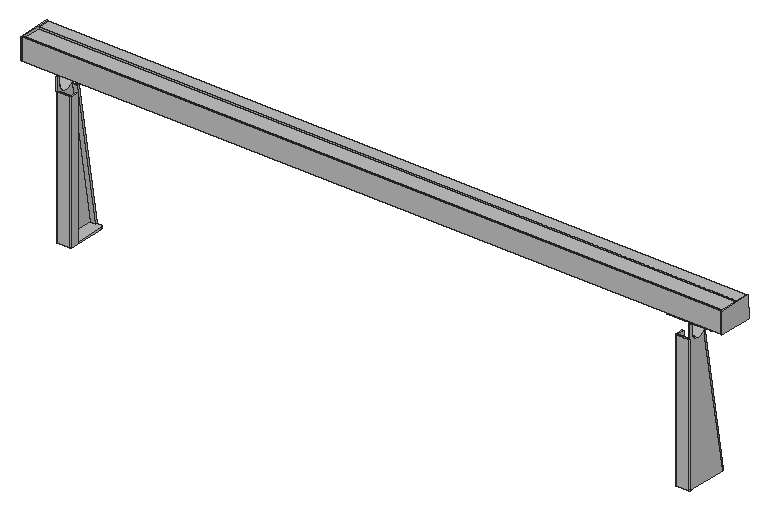
Revit family "4070763+4070747+4070772 Feilo Sylvania Lighting Fixtures CURSUS 1161MM 871LM OVAL LED 4K with SINGLE WALL HOUSING with 250MM WALL BRACKET", category Lighting Fixtures, host Face, Revit 2017
Family settings
  Host = Face
  Round Connector Dimension = Use Diameter
  Part Type = Normal
  OmniClass Number = 23.80.70.14
  OmniClass Title = Luminaries for External Lighting
  Cut with Voids When Loaded = Yes
  Light Source = No
  Shared = No
  Room Calculation Point = No
Parameters (values of type "4070763 CURSUS 1161MM 871LM OVAL LED 4K")
  Weight = "2.2 kg"
  Wattage Comments = "n/a"
  WarrantyStartDate [instance] = "n/a"
  WarrantyGuarantorParts = "n/a"
  WarrantyDurationUnit = "n/a"
  WarrantyDurationParts = "n/a"
  WarrantyDescription = "n/a"
  Voltage = 24 V
  URL = "http://www.sylvania-lighting.com"
  TypeName = "CURSUS 1161MM 871LM OVAL LED 4K"
  TypeFixture_FEILO = CURSUS with SINGLE WALL HOUSING : CURSUS 1161MM 871LM OVAL LED 4K
  Type Image = <None>
  Type Comments = "n/a"
  TiltAngle [instance] = 0.00°
  StartAngle [instance] = TiltAngle + 270.00°  # 270.00°
  SerialNumber [instance] = "n/a"
  ReflectorMaterial = none
  PowerFactor = 0
  PowerConsumption = "18 W"
  NominalLength = 1161 mm
  NominalHeight = 50 mm
  NominalDepth = 30 mm
  Name = "CURSUS 1161MM 871LM OVAL LED 4K"
  ModelReference = Name  # "CURSUS 1161MM 871LM OVAL LED 4K"
  ModelNumber = "4070763"
  Model = Name  # "CURSUS 1161MM 871LM OVAL LED 4K"
  Material = "natural anodised extruded aluminium structure housing, optical system with pmma lenses diffuser"
  ManufacturerName = "Feilo Sylvania"
  Manufacturer = "Feilo Sylvania"
  LuminousEfficacy = "48.38 lm/W"
  LuminaireType = ""
  LightOutputRatio = "100"
  LampsType = Lamp  # "LED"
  LampNominalLuminous = "871 lm"
  LampMacAdamStep = "n/a"
  LampColourTemperature = "4000 K"
  LampColourRenderingIndex = "80"
  Lamp = "LED"
  Keynote = "16500"
  InstallationDate [instance] = "n/a"
  InputVoltage = "24V DC"
  InputNominalFrequency = "50/60 Hz"
  IngressProtection = "IP67"
  ImpactProtectionIndex = "IK07"
  IfcExportType = "IfcLightFixtureType"
  IfcExportAs = "IfcLightFixtureType"
  ExpectedLife = 50000
  EndAngle [instance] = StartAngle - 180.00°  # 90.00°
  ElectricShockClassification = "Class III"
  DurationUnit = "hours"
  DocumentationLiterature = "http://www.sylvania-lighting.com/product/en-int/products/4070763"
  DimmingControlOptions = "n/a"
  DiffuserMaterial = Diffuser-Sylvania-Glow
  Description = "LED Exterior Lighting Recessed Surface Mounted Linear Fixture, Natural anodised extruded aluminium structure. Die-cast aluminium end caps. Installation kit with harmonic steel springs., 871 lm, 18W,  48lm/W, 4000K, CRI80+,non dimmable,IP67, IK07, (HxWxD) 1161x50x30mm, 3 step Mac Adam Ellipse, 2.2kg,, Classe III, 21-25V-DC, energy class : A++, A+, A"
  Default Elevation = 1219.2 mm
  CreatedOn = "1/8/2018"
  CreatedBy = ""
  Cost = 0
  built-in parameter 1114216 [instance] = (empty or 0)
  ClassificationValue = "EF_70_80"
  ClassificationName = "Uniclass2015"
  BracketWidth = 24 mm
  BracketThickness = 2 mm
  BracketHeightEnd = 32 mm
  BracketHeight = 70 mm
  BracketFlange = BracketHeight / 5  # 14 mm
  BracketExtension = 250 mm
  BracketEndReduction = 25 mm
  BracketC = 22 mm  # constant formula
  BracketDistance = 1030 mm
  BracketD = BracketHeightEnd - (BracketC * (BracketHeight - BracketHeightEnd) / (BracketExtension - BracketEndReduction))  # 28.284 mm
  BodyMaterial = Body-Sylvania-Gray
  BarCode [instance] = "n/a"
  AssetType = "Fixed"
  AssetIdentifier [instance] = "n/a"
  Assembly Code = "D5020200"
  Apparent Load = 18 VA
  AccessoryMaterial = Diffuser-Sylvania-Glow
Reference planes
  plane 1 "Center (Front/Back)": y = 0
  plane 2: z = 0
  plane 3 "Center (Left/Right)": x = 0
  plane 4: x = -527
  plane 5: x = 527
  plane 6: y = 70
  plane 7: x = -503
  plane 8: x = 503
  plane 9: z = 250
  plane 10: z = 236
  plane 11: z = 2
  plane 12: z = 225
  plane 13: x = -525
  plane 14: y = 68
  plane 15: y = 2
  plane 16: x = -505
  plane 17: x = 505
  plane 18: x = 525
  plane 19: x = -515
  plane 20: x = 515
  plane 21: y = 14
  plane 22: y = 32
  plane 23: y = 30
  plane 24: z = 247
  plane 25: y = 28.284
  plane 26: y = 16
Forms (mm)
  Blend 1, solid, material "Body-Sylvania-Gray" <- "BodyMaterial"
    base sketch origin (1223.4, -4572, 2) x (0, -1, 0) y (1, 0, 0)
      loop
        line (-4640, -1738.4) -> (-4642, -1738.4) -> (-4642, -1748.4)
        arc (-4642, -1748.4) -> (-4641.414, -1749.814) -> (-4640, -1750.4) r 2
        line (-4640, -1750.4) -> (-4574, -1750.4)
        arc (-4574, -1750.4) -> (-4572.586, -1749.814) -> (-4572, -1748.4) r 2
        line (-4572, -1748.4) -> (-4572, -1728.4)
        arc (-4572, -1728.4) -> (-4572.586, -1726.986) -> (-4574, -1726.4) r 2
        line (-4574, -1726.4) -> (-4586, -1726.4) -> (-4586, -1728.4) -> (-4574, -1728.4) -> (-4574, -1748.4) -> (-4640, -1748.4) -> (-4640, -1738.4)
    top sketch origin (1223.4, -4572, 2) x (0, -1, 0) y (1, 0, 0)
      loop
        line (-4586, -1728.4) -> (-4574, -1728.4) -> (-4574, -1748.4) -> (-4602, -1748.4) -> (-4602, -1738.4) -> (-4604, -1738.4) -> (-4604, -1748.4)
        arc (-4604, -1748.4) -> (-4603.52, -1749.71) -> (-4602.309, -1750.4) r 2.028
        line (-4602.309, -1750.4) -> (-4574, -1750.4)
        arc (-4574, -1750.4) -> (-4572.586, -1749.814) -> (-4572, -1748.4) r 2
        line (-4572, -1748.4) -> (-4572, -1728.4)
        arc (-4572, -1728.4) -> (-4572.586, -1726.986) -> (-4574, -1726.4) r 2
        line (-4574, -1726.4) -> (-4586, -1726.4) -> (-4586, -1728.4)
    from 0 to 223
  Extrusion 2, solid, material "Body-Sylvania-Gray" <- "BodyMaterial"
    sketch origin (0, 0, 0) x (1, 0, 0) y (0, 1, 0)
      loop
        arc (-525, 70) -> (-526.414, 69.414) -> (-527, 68) r 2
        line (-527, 68) -> (-527, 2)
        arc (-527, 2) -> (-526.414, 0.586) -> (-525, 0) r 2
        line (-525, 0) -> (-505, 0)
        arc (-505, 0) -> (-503.586, 0.586) -> (-503, 2) r 2
        line (-503, 2) -> (-503, 62.5)
        arc (-503, 62.5) -> (-505.197, 67.803) -> (-510.5, 70) r 7.5
        line (-510.5, 70) -> (-525, 70)
      loop
        line (525, 70) -> (510.5, 70)
        arc (510.5, 70) -> (505.197, 67.803) -> (503, 62.5) r 7.5
        line (503, 62.5) -> (503, 2)
        arc (503, 2) -> (503.586, 0.586) -> (505, 0) r 2
        line (505, 0) -> (525, 0)
        arc (525, 0) -> (526.414, 0.586) -> (527, 2) r 2
        line (527, 2) -> (527, 68)
        arc (527, 68) -> (526.414, 69.414) -> (525, 70) r 2
    from 0 to 2
  Blend 3, solid, material "Body-Sylvania-Gray" <- "BodyMaterial"
    base sketch origin (1223.4, -4572, 2) x (0, -1, 0) y (1, 0, 0)
      loop
        line (-4640, -698.4) -> (-4574, -698.4) -> (-4574, -718.4) -> (-4586, -718.4) -> (-4586, -720.4) -> (-4574, -720.4)
        arc (-4574, -720.4) -> (-4572.586, -719.814) -> (-4572, -718.4) r 2
        line (-4572, -718.4) -> (-4572, -698.4)
        arc (-4572, -698.4) -> (-4572.586, -696.986) -> (-4574, -696.4) r 2
        line (-4574, -696.4) -> (-4640, -696.4)
        arc (-4640, -696.4) -> (-4641.414, -696.986) -> (-4642, -698.4) r 2
        line (-4642, -698.4) -> (-4642, -708.4) -> (-4640, -708.4) -> (-4640, -698.4)
    top sketch origin (1223.4, -4572, 2) x (0, -1, 0) y (1, 0, 0)
      loop
        line (-4602, -708.4) -> (-4602, -698.4) -> (-4574, -698.4) -> (-4574, -718.4) -> (-4586, -718.4) -> (-4586, -720.4) -> (-4574, -720.4)
        arc (-4574, -720.4) -> (-4572.586, -719.814) -> (-4572, -718.4) r 2
        line (-4572, -718.4) -> (-4572, -698.4)
        arc (-4572, -698.4) -> (-4572.586, -696.986) -> (-4574, -696.4) r 2
        line (-4574, -696.4) -> (-4602, -696.4)
        arc (-4602, -696.4) -> (-4603.414, -696.986) -> (-4604, -698.4) r 2
        line (-4604, -698.4) -> (-4604, -708.4) -> (-4602, -708.4)
    from 0 to 223
  Blend 4, solid, material "Body-Sylvania-Gray" <- "BodyMaterial"
    base sketch origin (1223.4, -4572, 225) x (0, -1, 0) y (1, 0, 0)
      loop
        line (-4604, -1750.4) -> (-4572, -1750.4) -> (-4572, -1748.4) -> (-4604, -1748.4) -> (-4604, -1750.4)
    top sketch origin (1223.4, -4572, 225) x (0, -1, 0) y (1, 0, 0)
      loop
        line (-4572, -1750.4) -> (-4572, -1748.4) -> (-4600.284, -1748.4) -> (-4600.284, -1750.4) -> (-4572, -1750.4)
    from 0 to 22
  Blend 5, solid, material "Body-Sylvania-Gray" <- "BodyMaterial"
    base sketch origin (1223.4, -4572, 225) x (0, -1, 0) y (1, 0, 0)
      loop
        line (-4604, -698.4) -> (-4572, -698.4) -> (-4572, -696.4) -> (-4604, -696.4) -> (-4604, -698.4)
    top sketch origin (1223.4, -4572, 225) x (0, -1, 0) y (1, 0, 0)
      loop
        line (-4572, -696.4) -> (-4600.284, -696.4) -> (-4600.284, -698.4) -> (-4572, -698.4) -> (-4572, -696.4)
    from 0 to 22
  Extrusion 6, void
    sketch origin (0, 0, 0) x (0, 1, 0) y (0, 0, 1)
      loop
        line (0, 225) -> (2, 225) -> (2, 226.5) -> (0, 226.5) -> (0, 225)
      loop
        line (32, 225) -> (32, 226.5) -> (30, 226.5) -> (30, 225) -> (32, 225)
    from -527 to 527
  Revolve 7, solid, not visible
    sketch origin (1524, 16, 1219.2) x (1, 0, 0) y (0, 0, 1)
      loop
        line (-1524, -972.2) -> (-1524, -983.2) -> (-1009, -983.2) -> (-1009, -972.2) -> (-1524, -972.2)
      axis (-1009, -983.2) -> (-1524, -983.2)
    angle from 270 <- "StartAngle" to 90 <- "EndAngle"
Cuts and joins
  Extrusion 6 cuts Blend 4
  Extrusion 6 cuts Blend 5
  joined: Blend 1, Extrusion 2, Blend 3, Blend 4, Blend 5
Lines and regions (mm)
  reference lines, not visible
    curve 1: line (-503, 16, 236) -> (503, 16, 236)
Dimensions and locks
  equal spacing: plane 4, plane 3 "Center (Left/Right)", plane 5
  "BracketDistance": plane 19 to plane 20
  "BracketHeight": plane 1 "Center (Front/Back)" to plane 6
  equal spacing: plane 7, plane 3 "Center (Left/Right)", plane 8
  "BracketWidth": plane 4 to plane 7
  "BracketExtension": plane 9 to plane 2
  "BracketThickness": plane 11 to plane 2
  "BracketEndReduction": plane 9 to plane 12
  equal spacing: plane 13, plane 3 "Center (Left/Right)", plane 18
  equal spacing: plane 16, plane 3 "Center (Left/Right)", plane 17
  "BracketThickness": plane 4 to plane 13
  "BracketThickness": plane 16 to plane 7
  "BracketThickness": plane 14 to plane 6
  "BracketThickness": plane 1 "Center (Front/Back)" to plane 15
  equal spacing: plane 4, plane 19, plane 7
  equal spacing: plane 8, plane 20, plane 5
  "BracketFlange": plane 1 "Center (Front/Back)" to plane 21
  "BracketHeightEnd": plane 1 "Center (Front/Back)" to plane 22
  "BracketThickness": plane 23 to plane 22
  locked: Extrusion 2 sketch curve to plane 7 at 7.5
  locked: Extrusion 2 sketch curve to plane 6 at 7.5  (x2)
  locked: plane 8 to Extrusion 2 sketch curve at 7.5
  "BracketC": plane 24 to plane 12
  "BracketD": plane 1 "Center (Front/Back)" to plane 25
  locked: plane 12 to Extrusion 6 sketch curve at 1.5
  equal spacing: plane 24, plane 10, plane 12
  equal spacing: plane 1 "Center (Front/Back)", plane 26, plane 22
  aligned and locked: plane 2 to host face
  aligned and locked: level to host face
  aligned and locked: plane 4 to Blend 1 sketch curve  (x2)
  aligned and locked: plane 13 to Blend 1 sketch curve  (x3)
  aligned and locked: Blend 1 sketch curve to plane 15
  aligned and locked: Blend 1 sketch curve to plane 16
  aligned and locked: Blend 1 sketch curve to plane 21
  aligned and locked: plane 7 to Blend 1 sketch curve
  aligned and locked: plane 16 to Blend 1 sketch curve
  aligned and locked: plane 1 "Center (Front/Back)" to Blend 1 sketch curve
  aligned and locked: plane 14 to Blend 1 sketch curve
  aligned and locked: Blend 1 sketch curve to var sketch  (x6)
  aligned and locked: Blend 1 sketch curve to plane 19
  aligned and locked: Blend 1 sketch curve to plane 22
  aligned and locked: plane 23 to Blend 1 sketch curve
  aligned and locked: plane 11 to Blend 1
  aligned and locked: Extrusion 2 sketch curve to Blend 1  (x3)
  aligned and locked: Extrusion 2 to level
  aligned and locked: Extrusion 2 to plane 11
  aligned and locked: Extrusion 2 sketch curve to plane 7
  aligned and locked: plane 18 to Blend 3 sketch curve  (x4)
  aligned and locked: plane 14 to Blend 3 sketch curve  (x2)
  aligned and locked: Blend 3 sketch curve to plane 20
  aligned and locked: Blend 3 sketch curve to plane 6
  aligned and locked: plane 5 to Blend 3 sketch curve
  aligned and locked: plane 1 "Center (Front/Back)" to Blend 3 sketch curve
  aligned and locked: plane 15 to Blend 3 sketch curve  (x2)
  aligned and locked: Blend 3 sketch curve to plane 8
  aligned and locked: Blend 3 sketch curve to plane 21
  aligned and locked: plane 17 to Blend 3 sketch curve
  aligned and locked: Blend 3 sketch curve to plane 18
  aligned and locked: plane 20 to Blend 3 sketch curve  (x2)
  aligned and locked: Blend 3 sketch curve to plane 23
  aligned and locked: Blend 3 sketch curve to var sketch  (x8)
  aligned and locked: var sketch to Blend 3 sketch curve
  aligned and locked: plane 22 to Blend 3 sketch curve
  aligned and locked: plane 11 to Blend 3
  aligned and locked: Extrusion 2 sketch curve to Blend 3  (x4)
  aligned and locked: Blend 1 to plane 12
  aligned and locked: Blend 3 to plane 12
  aligned and locked: Blend 4 sketch curve to plane 22
  aligned and locked: Blend 4 sketch curve to cut or joined group of Blend 1, Extrusion 2, Blend 3, Blend 4, Blend 5, Extrusion 6  (x2)
  aligned and locked: cut or joined group of Blend 1, Extrusion 2, Blend 3, Blend 4, Blend 5, Extrusion 6 to Blend 4 sketch curve
  aligned and locked: Blend 4 sketch curve to var sketch  (x2)
  aligned and locked: Blend 4 sketch curve to plane 13
  aligned and locked: Blend 4 to plane 24
  aligned and locked: Blend 4 sketch curve to plane 25
  aligned and locked: Blend 5 sketch curve to plane 18  (x2)
  aligned and locked: plane 1 "Center (Front/Back)" to Blend 5 sketch curve
  aligned and locked: plane 5 to Blend 5 sketch curve
  aligned and locked: plane 22 to Blend 5 sketch curve
  aligned and locked: Blend 5 sketch curve to var sketch
  aligned and locked: var sketch to Blend 5 sketch curve
  aligned and locked: Blend 5 sketch curve to plane 25
  aligned and locked: Blend 5 to plane 24
  aligned and locked: plane 12 to Blend 5
  aligned and locked: Extrusion 6 sketch curve to cut or joined group of Blend 1, Extrusion 2, Blend 3, Blend 4, Blend 5, Extrusion 6  (x2)
  aligned and locked: Extrusion 6 sketch curve to Extrusion 6 sketch curve
  aligned and locked: Extrusion 6 sketch curve to plane 15
  aligned and locked: plane 5 to Extrusion 6
  aligned and locked: Extrusion 6 to plane 4
  aligned and locked: Extrusion 6 sketch curve to plane 23
  aligned and locked: Revolve 7 sketch curve to plane 10  (x2)
  aligned and locked: plane 24 to Revolve 7 sketch curve
  aligned and locked: plane 3 "Center (Left/Right)" to Revolve 7 sketch curve
  aligned and locked: Revolve 7 sketch curve to plane 20
  aligned and locked: plane 7 to curve 1
  aligned and locked: plane 10 to curve 1
  aligned and locked: nested 1 to plane 5
  aligned and locked: nested 2 to plane 4
  aligned and locked: nested 1 to curve 1
  aligned and locked: nested 2 to curve 1
  aligned and locked: nested 1 to nested 3
  aligned and locked: nested 3 to plane 3 "Center (Left/Right)"
Automatic sketch dimensions
  host sketch curve to host sketch curve = 2438.4 mm  (x2)
  Blend 1 sketch curve to plane 13 = 0 mm
  plane 15 to Blend 1 sketch curve = 0 mm  (x3)
  Blend 1 sketch curve to plane 23 = 0.309 mm
  plane 6 to Blend 1 sketch curve = 0 mm
  plane 14 to Blend 1 sketch curve = 0 mm
  Blend 1 sketch curve to plane 19 = 0 mm
  Blend 3 sketch curve to plane 17 = 0 mm
  Extrusion 6 sketch curve to plane 1 "Center (Front/Back)" = 0 mm
  plane 12 to Extrusion 6 sketch curve = 0 mm
  Revolve 7 sketch curve to plane 4 = 1153 mm
  plane 5 to Revolve 7 sketch curve = 1161.4 mm
  curve 1 to plane 8 = 0 mm
Nested families
  nested 1: "MountingPlate" at (526, 16, 236) x (-1, 0, 0) z (0, 0, 1), type "MountingPlate"
  nested 2: "MountingPlate" at (-526, 16, 236) x (-1, 0, 0) z (0, 0, 1), type "MountingPlate"
  nested 3: "CURSUS with SINGLE WALL HOUSING" at (0, -4, 254) x (-1, 0, 0) z (0, 0, 1), type <- "TypeFixture_FEILO", type "CURSUS 1161MM 871LM OVAL LED 4K"
    with WarrantyStartDate "n/a", SerialNumber "n/a", InstallationDate "n/a", EndCapRight yes, EndCapLeft yes, built-in parameter 1114216 (empty or 0), BarCode "n/a", AssetIdentifier "n/a"
Connectors
  electrical at (0, 0, 0), driven by "Voltage", driven by "Apparent Load", driven by "PowerFactor"
    settings: index 1, voltage 24 V, apparent load 18 VA, apparent load phase1 0 VA, apparent load phase2 0 VA, apparent load phase3 0 VA, power factor 0, load classification "Other", number of poles 1, system type 30, power factor state 1, is connector primary yes, connector utility no, sub classification motor no, connector description ""
Definition of nested family "MountingPlate"
  Parameters (values of type "MountingPlate")
    URL = "http://www.feilosylvania.com"
    Type Comments = "n/a"
    ReflectorMaterial = none
    MountingPlateWidth = 76 mm
    MountingPlateThickness = 2 mm
    MountingPlateRadiusBack = 12 mm
    MountingPlateRadius = 3 mm
    MountingPlateHeight = 35 mm
    Model = "n/a"
    Manufacturer = "Feilo Sylvania"
    Keynote = "n/a"
    DiffuserMaterial = none
    Description = "n/a"
    Default Elevation = 1219.2 mm
    Cost = 0
    BodyMaterial = none
    Assembly Code = "n/a"
    AccessoryMaterial = none
  Reference planes
    plane 1 "Center (Front/Back)": y = 0
    plane 2: z = 0
    plane 3 "Center (Left/Right)": x = 0
    plane 4: x = -38
    plane 5: x = 38
    plane 6: y = 17.5
    plane 7: y = -17.5
    plane 8: x = -3
    plane 9: x = 3
    plane 10: z = 18
    plane 11: z = 16
    plane 12: y = 12.5
    plane 13: y = -12.5
    plane 14: x = -1
    plane 15: x = 1
    plane 16: z = -12.5
    plane 17: z = -14.5
  Forms (mm)
    Extrusion 1, solid
      sketch origin (1.653, 0, 0) x (1, 0, 0) y (0, 1, 0)
        loop
          line (-1219.2, 1219.2) -> (-1219.2, -1219.2) -> (1219.2, -1219.2) -> (1219.2, 1219.2) -> (-1219.2, 1219.2)
      from 0 to -304.8
    Extrusion 2, solid, material <- "BodyMaterial"
      sketch origin (1218.4, -4572, 16) x (0, -1, 0) y (-1, 0, 0)
        loop
          line (-4589.5, 1253.4) -> (-4589.5, 1224.4)
          arc (-4589.5, 1224.4) -> (-4588.621, 1222.279) -> (-4586.5, 1221.4) r 3
          line (-4586.5, 1221.4) -> (-4557.5, 1221.4)
          arc (-4557.5, 1221.4) -> (-4555.379, 1222.279) -> (-4554.5, 1224.4) r 3
          line (-4554.5, 1224.4) -> (-4554.5, 1253.4)
          arc (-4554.5, 1253.4) -> (-4555.379, 1255.521) -> (-4557.5, 1256.4) r 3
          line (-4557.5, 1256.4) -> (-4586.5, 1256.4)
          arc (-4586.5, 1256.4) -> (-4588.621, 1255.521) -> (-4589.5, 1253.4) r 3
        loop
          arc (-4589.5, 1183.4) -> (-4588.621, 1181.279) -> (-4586.5, 1180.4) r 3
          line (-4586.5, 1180.4) -> (-4557.5, 1180.4)
          arc (-4557.5, 1180.4) -> (-4555.379, 1181.279) -> (-4554.5, 1183.4) r 3
          line (-4554.5, 1183.4) -> (-4554.5, 1212.4)
          arc (-4554.5, 1212.4) -> (-4555.379, 1214.521) -> (-4557.5, 1215.4) r 3
          line (-4557.5, 1215.4) -> (-4586.5, 1215.4)
          arc (-4586.5, 1215.4) -> (-4588.621, 1214.521) -> (-4589.5, 1212.4) r 3
          line (-4589.5, 1212.4) -> (-4589.5, 1183.4)
      from 0 to -2
    Extrusion 3, solid, material <- "BodyMaterial"
      sketch origin (0, 0, 0) x (1, 0, 0) y (0, 0, 1)
        loop
          line (-3, 18) -> (-3, -12.5) -> (-1, -12.5) -> (-1, 16)
          arc (-1, 16) -> (-1.586, 17.414) -> (-3, 18) r 2
        loop
          line (3, -12.5) -> (3, 18)
          arc (3, 18) -> (1.586, 17.414) -> (1, 16) r 2
          line (1, 16) -> (1, -12.5) -> (3, -12.5)
      from -12.5 to 12.5
    Extrusion 4, void
      sketch origin (0, 0, 0) x (0, 1, 0) y (0, 0, 1)
        loop
          line (-12.5, -0.5) -> (-17.5, -0.5) -> (-17.5, -14.5) -> (-0.5, -14.5) -> (-0.5, -12.5)
          arc (-0.5, -12.5) -> (-8.985, -8.985) -> (-12.5, -0.5) r 12
        loop
          line (0.5, -12.5) -> (0.5, -14.5) -> (17.5, -14.5) -> (17.5, -0.5) -> (12.5, -0.5)
          arc (12.5, -0.5) -> (8.985, -8.985) -> (0.5, -12.5) r 12
      from -3 to 3
  Cuts and joins
    Extrusion 4 cuts Extrusion 2
    Extrusion 4 cuts Extrusion 3
    joined: Extrusion 2, Extrusion 3
  Lines and regions (mm)
    reference lines
      curve 1: line (-38, 0, 0) -> (38, 0, 0)
  Dimensions and locks
    equal spacing: plane 4, plane 3 "Center (Left/Right)", plane 5
    "MountingPlateWidth": plane 4 to plane 5
    equal spacing: plane 7, plane 1 "Center (Front/Back)", plane 6
    "MountingPlateHeight": plane 7 to plane 6
    equal spacing: plane 8, plane 3 "Center (Left/Right)", plane 9
    "MountingPlateHeight": plane 4 to plane 8
    locked: plane 10 to plane 2 at 18
    "MountingPlateThickness": plane 10 to plane 11
    equal spacing: plane 13, plane 1 "Center (Front/Back)", plane 12
    locked: plane 13 to plane 12 at 25
    "MountingPlateRadius": plane 4 to Extrusion 2 sketch curve  (x2)
    "MountingPlateRadius": Extrusion 2 sketch curve to plane 6  (x4)
    "MountingPlateRadius": Extrusion 2 sketch curve to plane 8  (x2)
    "MountingPlateRadius": plane 7 to Extrusion 2 sketch curve  (x4)
    "MountingPlateRadius": plane 9 to Extrusion 2 sketch curve  (x2)
    "MountingPlateRadius": Extrusion 2 sketch curve to plane 5  (x2)
    equal spacing: plane 15, plane 3 "Center (Left/Right)", plane 14
    "MountingPlateThickness": plane 14 to plane 8
    locked: plane 2 to plane 16 at 12.5
    locked: plane 17 to plane 16 at 2
    "MountingPlateRadiusBack": plane 13 to Extrusion 4 sketch curve
    "MountingPlateRadiusBack": plane 16 to Extrusion 4 sketch curve  (x2)
    "MountingPlateRadiusBack": Extrusion 4 sketch curve to plane 12
    aligned and locked: plane 2 to Extrusion 1
    aligned and locked: level to Extrusion 1
    aligned and locked: Extrusion 2 sketch curve to plane 6
    aligned and locked: Extrusion 2 sketch curve to plane 4
    aligned and locked: plane 7 to Extrusion 2 sketch curve
    aligned and locked: plane 8 to Extrusion 2 sketch curve
    aligned and locked: plane 6 to Extrusion 2 sketch curve
    aligned and locked: Extrusion 2 sketch curve to plane 5
    aligned and locked: Extrusion 2 sketch curve to plane 7
    aligned and locked: plane 9 to Extrusion 2 sketch curve
    aligned and locked: Extrusion 2 to plane 10
    aligned and locked: plane 11 to Extrusion 2
    aligned and locked: Extrusion 3 sketch curve to Extrusion 2  (x2)
    aligned and locked: plane 16 to Extrusion 3 sketch curve  (x2)
    aligned and locked: plane 14 to Extrusion 3 sketch curve
    aligned and locked: plane 9 to Extrusion 3 sketch curve
    aligned and locked: plane 15 to Extrusion 3 sketch curve
    aligned and locked: Extrusion 3 to plane 12
    aligned and locked: plane 13 to Extrusion 3
    aligned and locked: plane 17 to Extrusion 4 sketch curve  (x2)
    aligned and locked: Extrusion 4 sketch curve to plane 7
    aligned and locked: Extrusion 4 sketch curve to plane 6
    aligned and locked: plane 9 to Extrusion 4
    aligned and locked: Extrusion 4 to plane 8
    aligned and locked: plane 4 to curve 1
    aligned and locked: curve 1 to level
  Automatic sketch dimensions
    Extrusion 1 sketch curve to Extrusion 1 sketch curve = 2438.4 mm  (x2)
    Extrusion 3 sketch curve to plane 11 = 0 mm
    curve 1 to plane 5 = 0 mm
    Extrusion 4 sketch curve to plane 13 = 0 mm
    Extrusion 4 sketch curve to plane 12 = 0 mm
Definition of nested family "CURSUS with SINGLE WALL HOUSING"
  Parameters (values of type "CURSUS 1161MM 827LM OVAL LED 3K")
    Width_FEILO = 35 mm
    Weight = "2.2 kg"
    Wattage Comments = "n/a"
    Wattage = 18 W
    WarrantyStartDate [instance] = "n/a"
    WarrantyGuarantorParts = "n/a"
    WarrantyDurationUnit = "n/a"
    WarrantyDurationParts = "n/a"
    WarrantyDescription = "n/a"
    WallThickness_FEILO = 2.5 mm
    built-in parameter 1150110 = 1 (stored number, unit not read)
    Voltage = 24 V
    URL = "http://www.feilosylvania.com"
    TypeName = "CURSUS 1161MM 827LM OVAL LED 3K"
    Type Image = (empty or 0)
    Type Comments = "n/a"
    built-in parameter 1114217 = 1 (stored number, unit not read)
    Tilt Angle = -90.00°
    built-in parameter 1150109 = 1 (stored number, unit not read)
    built-in parameter 1150134 = (empty or 0)
    built-in parameter 1150113 = 1 (stored number, unit not read)
    SerialNumber [instance] = "n/a"
    ReflectorMaterial = none
    PowerFactor = 0
    PowerConsumption = "18 W"
    Photometric Web File = "4070765.ies"
    NominalLength = 1161 mm
    NominalHeight = 50 mm
    NominalDepth = 30 mm
    Name = "CURSUS 1161MM 827LM OVAL LED 3K"
    ModelReference = Name  # "CURSUS 1161MM 827LM OVAL LED 3K"
    ModelNumber = ""
    Model = Name  # "CURSUS 1161MM 827LM OVAL LED 3K"
    Material = "natural anodised extruded aluminium structure housing, optical system with pmma lenses diffuser"
    ManufacturerName = "Feilo Sylvania"
    Manufacturer = "Feilo Sylvania"
    LuminousEfficacy = "45.94 lm/W"
    built-in parameter 1150105 = 1166.5 (stored number, unit not read)
    Lumens = 827 lm
    LuminaireType = ""
    built-in parameter 1150115 = 1 (stored number, unit not read)
    LightOutputRatio = "100"
    built-in parameter 1150137 = (empty or 0)
    built-in parameter 1150139 = (empty or 0)
    Length_FEILO = 1167 mm
    LampsType = Lamp  # "LED"
    LampNominalLuminous = "827 lm"
    LampMacAdamStep = "n/a"
    LampColourTemperature = "3000 K"
    LampColourRenderingIndex = "80"
    built-in parameter 1150112 = 1 (stored number, unit not read)
    built-in parameter 1150114 = 1 (stored number, unit not read)
    Lamp = "LED"
    Keynote = "16500"
    InstallationDate [instance] = "n/a"
    InputVoltage = "24V DC"
    InputNominalFrequency = "n/a"
    built-in parameter 1150132 = (empty or 0)
    built-in parameter 1150102 = (empty or 0)
    built-in parameter 1150107 = 3000 (stored number, unit not read)
    built-in parameter 1150138 = (empty or 0)
    IngressProtection = "IP67"
    ImpactProtectionIndex = "IK07"
    built-in parameter 1150106 = 11.665 (stored number, unit not read)
    IfcExportType = "IfcLightFixtureType"
    IfcExportAs = "IfcLightFixtureType"
    ExpectedLife = 50000
    EndCapRight [instance] = yes
    EndCapLeft [instance] = yes
    Emit from Rectangle Width = Width_FEILO - WallThickness_FEILO * 2  # 30 mm
    Emit from Rectangle Length = Length_FEILO - WallThickness_FEILO * 2  # 1162 mm
    Emit Shape Visible in Rendering = no
    ElectricShockClassification = "Class III"
    built-in parameter 1150104 = 4.2684 (stored number, unit not read)
    DurationUnit = "hours"
    DocumentationLiterature = "http://www.feilosylvania.com/product/en-int/products/4070765"
    DimmingControlOptions = "n/a"
    Dimming Lamp Color Temperature Shift = (empty or 0)
    DiffuserMaterial = none
    Description = "LED Exterior Lighting Recessed Surface Mounted Linear Fixture, Natural anodised extruded aluminium structure. Die-cast aluminium end caps. Installation kit with harmonic steel springs., 827 lm, 18W, 45lm/W, 3000K, CRI80+,non dimmable,IP67, IK07, (HxWxD) 1161x50x30mm, 3 step Mac Adam Ellipse, 2.2kg,, Classe III, 21-25V-DC, energy class : A++, A+, A"
    Default Elevation = 1219.2 mm
    CreatedOn = "1/8/2018"
    CreatedBy = "aron.fodor@feilosylvania.com"
    Cost = 0
    Color Filter = 16777215
    built-in parameter 1114216 [instance] = (empty or 0)
    ClassificationValue = "EF_70_80"
    ClassificationName = "Uniclass2015"
    BodyMaterial = none
    BarCode [instance] = "n/a"
    built-in parameter 1114218 = 1 (stored number, unit not read)
    built-in parameter 1150133 = 10 (stored number, unit not read)
    AssetType = "Fixed"
    AssetIdentifier [instance] = "n/a"
    Assembly Code = "D5020200"
    Apparent Load = 18 VA
    AccessoryMaterial = none
  Types (16, lengths in mm): name | Weight | Wattage | Voltage | TypeName | built-in parameter 1150134 | PowerConsumption | Photometric Web File | NominalLength | Name | ModelReference | Model | Material | LuminousEfficacy | built-in parameter 1150105 | Lumens | Length_FEILO | LampNominalLuminous | LampColourTemperature | InputVoltage | InputNominalFrequency | built-in parameter 1150107 | built-in parameter 1150106 | Emit from Rectangle Length | built-in parameter 1150104 | DocumentationLiterature | Description | Apparent Load
    CURSUS 1161MM 827LM OVAL LED 3K | "2.2 kg" | 18 W | 24 V | "CURSUS 1161MM 827LM OVAL LED 3K" | (empty or 0) | "18 W" | "4070765.ies" | 1161 | "CURSUS 1161MM 827LM OVAL LED 3K" | "CURSUS 1161MM 827LM OVAL LED 3K" | "CURSUS 1161MM 827LM OVAL LED 3K" | "natural anodised extruded aluminium structure housing, optical system with pmma lenses diffuser" | "45.94 lm/W" | 1166.5 (stored number, unit not read) | 827 lm | 1167 | "827 lm" | "3000 K" | "24V DC" | "n/a" | 3000 (stored number, unit not read) | 11.665 (stored number, unit not read) | 1162 | 4.2684 (stored number, unit not read) | "http://www.feilosylvania.com/product/en-int/products/4070765" | "LED Exterior Lighting Recessed Surface Mounted Linear Fixture, Natural anodised extruded aluminium structure. Die-cast aluminium end caps. Installation kit with harmonic steel springs., 827 lm, 18W, 45lm/W, 3000K, CRI80+,non dimmable,IP67, IK07, (HxWxD) 1161x50x30mm, 3 step Mac Adam Ellipse, 2.2kg,, Classe III, 21-25V-DC, energy class : A++, A+, A" | 18 VA
    CURSUS 1161MM 731LM WIDE LED 3K | "2.2 kg" | 18 W | 230 V | "CURSUS 1161MM 731LM WIDE LED 3K" | (empty or 0) | "18 W" | "4070764.ies" | 1161 | "CURSUS 1161MM 731LM WIDE LED 3K" | "CURSUS 1161MM 731LM WIDE LED 3K" | "CURSUS 1161MM 731LM WIDE LED 3K" | "natural anodised extruded aluminium structure housing" | "40.61 lm/W" | 403.47 (stored number, unit not read) | 731 lm | 1167 | "731 lm" | "3000 K" | "220-240V~" | "n/a" | 3000 (stored number, unit not read) | 4.0347 (stored number, unit not read) | 1162 | 3.7729 (stored number, unit not read) | "http://www.feilosylvania.com/product/en-int/products/4070764" | "LED Exterior Lighting Recessed Surface Mounted Linear Fixture, Natural anodised extruded aluminium structure. Die-cast aluminium end caps. Installation kit with harmonic steel springs., 731 lm, 18W, 40lm/W, 3000K, CRI80+,non dimmable,IP67, IK07, (HxWxD) 1161x50x30mm, 3 step Mac Adam Ellipse, 2.2kg,, Classe III, 21-25V-DC, energy class : A++, A+, A" | 18 VA
    CURSUS 1161MM 871LM OVAL LED 4K | "2.2 kg" | 18 W | 24 V | "CURSUS 1161MM 871LM OVAL LED 4K" | 12 | "18 W" | "4070763.ies" | 1161 | "CURSUS 1161MM 871LM OVAL LED 4K" | "CURSUS 1161MM 871LM OVAL LED 4K" | "CURSUS 1161MM 871LM OVAL LED 4K" | "natural anodised extruded aluminium structure housing, optical system with pmma lenses diffuser" | "48.38 lm/W" | 1192.8 (stored number, unit not read) | 871 lm | 1167 | "871 lm" | "4000 K" | "24V DC" | "50/60 Hz" | 4000 (stored number, unit not read) | 11.928 (stored number, unit not read) | 1162 | 4.4955 (stored number, unit not read) | "http://www.feilosylvania.com/product/en-int/products/4070763" | "LED Exterior Lighting Recessed Surface Mounted Linear Fixture, Natural anodised extruded aluminium structure. Die-cast aluminium end caps. Installation kit with harmonic steel springs., 871 lm, 18W,  48lm/W, 4000K, CRI80+,non dimmable,IP67, IK07, (HxWxD) 1161x50x30mm, 3 step Mac Adam Ellipse, 2.2kg,, Classe III, 21-25V-DC, energy class : A++, A+, A" | 18 VA
    CURSUS 1161MM 770LM WIDE LED 4K | "2.2 kg" | 18 W | 230 V | "CURSUS 1161MM 770LM WIDE LED 4K" | 12 | "18 W" | "4070762.ies" | 1161 | "CURSUS 1161MM 770LM WIDE LED 4K" | "CURSUS 1161MM 770LM WIDE LED 4K" | "CURSUS 1161MM 770LM WIDE LED 4K" | "natural anodised extruded aluminium structure housing" | "42.77 lm/W" | 424.94 (stored number, unit not read) | 770 lm | 1167 | "770 lm" | "4000 K" | "220-240V~" | "n/a" | 4000 (stored number, unit not read) | 4.2494 (stored number, unit not read) | 1162 | 3.9742 (stored number, unit not read) | "http://www.feilosylvania.com/product/en-int/products/4070762" | "LED Exterior Lighting Recessed Surface Mounted Linear Fixture, Natural anodised extruded aluminium structure. Die-cast aluminium end caps. Installation kit with harmonic steel springs., 770 lm, 18W,  42lm/W, 4000K, CRI80+,non dimmable,IP67, IK07, (HxWxD) 1161x50x30mm, 3 step Mac Adam Ellipse, 2.2kg,, Classe III, 21-25V-DC, energy class : A++, A+, A" | 18 VA
    CURSUS 876MM 620LM OVAL LED 3K | "1.7 kg" | 13.5 W | 24 V | "CURSUS 876MM 620LM OVAL LED 3K" | (empty or 0) | "13.5 W" | "4070758.ies" | 876 | "CURSUS 876MM 620LM OVAL LED 3K" | "CURSUS 876MM 620LM OVAL LED 3K" | "CURSUS 876MM 620LM OVAL LED 3K" | "natural anodised extruded aluminium structure housing, optical system with pmma lenses diffuser" | "45.92 lm/W" | 874.55 (stored number, unit not read) | 620 lm | 882 | "620 lm" | "3000 K" | "24V DC" | "50/60 Hz" | 3000 (stored number, unit not read) | 8.7455 (stored number, unit not read) | 877 | 4.2667 (stored number, unit not read) | "http://www.feilosylvania.com/product/en-int/products/4070758" | "LED Exterior Lighting Recessed Surface Mounted Linear Fixture, Natural anodised extruded aluminium structure. Die-cast aluminium end caps. Installation kit with harmonic steel springs., 620 lm, 13,5W, 45lm/W, 3000K, CRI80+,non dimmable,IP67, IK07, (HxWxD) 876x50x30mm, 3 step Mac Adam Ellipse, 1.7kg,, Classe III, 21-25V-DC, energy class : A++, A+, A" | 13.5 VA
    CURSUS 876MM 548LM WIDE LED 3K | "1.7 kg" | 13.5 W | 24 V | "CURSUS 876MM 548LM WIDE LED 3K" | (empty or 0) | "13.5 W" | "4070757.ies" | 876 | "CURSUS 876MM 548LM WIDE LED 3K" | "CURSUS 876MM 548LM WIDE LED 3K" | "CURSUS 876MM 548LM WIDE LED 3K" | "natural anodised extruded aluminium structure housing" | "40.59 lm/W" | 302.47 (stored number, unit not read) | 548 lm | 882 | "548 lm" | "3000 K" | "24V DC" | "n/a" | 3000 (stored number, unit not read) | 3.0247 (stored number, unit not read) | 877 | 3.7712 (stored number, unit not read) | "http://www.feilosylvania.com/product/en-int/products/4070757" | "LED Exterior Lighting Recessed Surface Mounted Linear Fixture, Natural anodised extruded aluminium structure. Die-cast aluminium end caps. Installation kit with harmonic steel springs., 548 lm, 13,5W, 40lm/W, 3000K, CRI80+,non dimmable,IP67, IK07, (HxWxD) 876x50x30mm, 3 step Mac Adam Ellipse, 1.7kg,, Classe III, 21-25V-DC, energy class : A++, A+, A" | 13.5 VA
    CURSUS 876MM 653LM OVAL LED 4K | "1.7 kg" | 13.5 W | 24 V | "CURSUS 876MM 653LM OVAL LED 4K" | 12 | "13.5 W" | "4070756.ies" | 876 | "CURSUS 876MM 653LM OVAL LED 4K" | "CURSUS 876MM 653LM OVAL LED 4K" | "CURSUS 876MM 653LM OVAL LED 4K" | "natural anodised extruded aluminium structure housing, optical system with pmma lenses diffuser" | "48.37 lm/W" | 894.28 (stored number, unit not read) | 653 lm | 882 | "653 lm" | "4000 K" | "24V DC" | "n/a" | 4000 (stored number, unit not read) | 8.9428 (stored number, unit not read) | 877 | 4.4938 (stored number, unit not read) | "http://www.feilosylvania.com/product/en-int/products/4070756" | "LED Exterior Lighting Recessed Surface Mounted Linear Fixture, Natural anodised extruded aluminium structure. Die-cast aluminium end caps. Installation kit with harmonic steel springs., 653 lm, 13,5W,  48lm/W, 4000K, CRI80+,non dimmable,IP67, IK07, (HxWxD) 876x50x30mm, 3 step Mac Adam Ellipse, 1.7kg,, Classe III, 21-25V-DC, energy class : A++, A+, A" | 13.5 VA
    CURSUS 876MM 577LM WIDE LED 4K | "1.7 kg" | 13.5 W | 24 V | "CURSUS 876MM 577LM WIDE LED 4K" | 12 | "13.5 W" | "4070755.ies" | 876 | "CURSUS 876MM 577LM WIDE LED 4K" | "CURSUS 876MM 577LM WIDE LED 4K" | "CURSUS 876MM 577LM WIDE LED 4K" | "natural anodised extruded aluminium structure housing" | "42.74 lm/W" | 318.43 (stored number, unit not read) | 577 lm | 882 | "577 lm" | "4000 K" | "24V DC" | "n/a" | 4000 (stored number, unit not read) | 3.1843 (stored number, unit not read) | 877 | 3.9707 (stored number, unit not read) | "http://www.feilosylvania.com/product/en-int/products/4070755" | "LED Exterior Lighting Recessed Surface Mounted Linear Fixture, Natural anodised extruded aluminium structure. Die-cast aluminium end caps. Installation kit with harmonic steel springs., 577 lm, 13,5W,  42lm/W, 4000K, CRI80+,non dimmable,IP67, IK07, (HxWxD) 876x50x30mm, 3 step Mac Adam Ellipse, 1.7kg,, Classe III, 21-25V-DC, energy class : A++, A+, A" | 13.5 VA
    CURSUS 591MM 414LM OVAL LED 3K | "1.2 kg" | 9 W | 24 V | "CURSUS 591MM 414LM OVAL LED 3K" | (empty or 0) | "9 W" | "4070751.ies" | 591 | "CURSUS 591MM 414LM OVAL LED 3K" | "CURSUS 591MM 414LM OVAL LED 3K" | "CURSUS 591MM 414LM OVAL LED 3K" | "natural anodised extruded aluminium structure housing, optical system with pmma lenses diffuser" | "46 lm/W" | 583.97 (stored number, unit not read) | 414 lm | 597 | "414 lm" | "3000 K" | "24V DC" | "n/a" | 3000 (stored number, unit not read) | 5.8397 (stored number, unit not read) | 592 | 4.2735 (stored number, unit not read) | "http://www.feilosylvania.com/product/en-int/products/4070751" | "LED Exterior Lighting Recessed Surface Mounted Linear Fixture, Natural anodised extruded aluminium structure. Die-cast aluminium end caps. Installation kit with harmonic steel springs., 414 lm, 9W, 46lm/W, 3000K, CRI80+,non dimmable,IP67, IK07, (HxWxD) 591x50x30mm, 3 step Mac Adam Ellipse, 1.2kg,, Classe III, 21-25V-DC, energy class : A++, A+, A" | 9 VA
    CURSUS 591MM 365LM WIDE LED 3K | "1.2 kg" | 9 W | 24 V | "CURSUS 591MM 365LM WIDE LED 3K" | (empty or 0) | "9 W" | "4070750.ies" | 591 | "CURSUS 591MM 365LM WIDE LED 3K" | "CURSUS 591MM 365LM WIDE LED 3K" | "CURSUS 591MM 365LM WIDE LED 3K" | "natural anodised extruded aluminium structure housing" | "40.55 lm/W" | 201.45 (stored number, unit not read) | 365 lm | 597 | "365 lm" | "3000 K" | "24V DC" | "n/a" | 3000 (stored number, unit not read) | 2.0145 (stored number, unit not read) | 592 | 3.7677 (stored number, unit not read) | "http://www.feilosylvania.com/product/en-int/products/4070750" | "LED Exterior Lighting Recessed Surface Mounted Linear Fixture, Natural anodised extruded aluminium structure. Die-cast aluminium end caps. Installation kit with harmonic steel springs., 365 lm, 9W, 40lm/W, 3000K, CRI80+,non dimmable,IP67, IK07, (HxWxD) 591x50x30mm, 3 step Mac Adam Ellipse, 1.2kg,, Classe III, 21-25V-DC, energy class : A++, A+, A" | 9 VA
    CURSUS 591MM 435LM OVAL LED 4K | "1.2 kg" | 9 W | 24 V | "CURSUS 591MM 435LM OVAL LED 4K" | 12 | "9 W" | "4070749.ies" | 591 | "CURSUS 591MM 435LM OVAL LED 4K" | "CURSUS 591MM 435LM OVAL LED 4K" | "CURSUS 591MM 435LM OVAL LED 4K" | "natural anodised extruded aluminium structure housing, optical system with pmma lenses diffuser" | "48.33 lm/W" | 595.73 (stored number, unit not read) | 435 lm | 597 | "435 lm" | "4000 K" | "24V DC" | "n/a" | 4000 (stored number, unit not read) | 5.9573 (stored number, unit not read) | 592 | 4.4903 (stored number, unit not read) | "http://www.feilosylvania.com/product/en-int/products/4070749" | "LED Exterior Lighting Recessed Surface Mounted Linear Fixture, Natural anodised extruded aluminium structure. Die-cast aluminium end caps. Installation kit with harmonic steel springs., 435 lm, 9W, 48lm/W, 4000K, CRI80+,non dimmable,IP67, IK07, (HxWxD) 591x50x30mm, 3 step Mac Adam Ellipse, 1.2kg,, Classe III, 21-25V-DC, energy class : A++, A+, A" | 9 VA
    CURSUS 591MM 385LM WIDE LED 4K | "1.2 kg" | 9 W | 24 V | "CURSUS 591MM 385LM WIDE LED 4K" | 12 | "9 W" | "4070748.ies" | 591 | "CURSUS 591MM 385LM WIDE LED 4K" | "CURSUS 591MM 385LM WIDE LED 4K" | "CURSUS 591MM 385LM WIDE LED 4K" | "natural anodised extruded aluminium structure housing" | "42.77 lm/W" | 212.47 (stored number, unit not read) | 385 lm | 597 | "385 lm" | "4000 K" | "24V DC" | "n/a" | 4000 (stored number, unit not read) | 2.1247 (stored number, unit not read) | 592 | 3.9742 (stored number, unit not read) | "http://www.feilosylvania.com/product/en-int/products/4070748" | "LED Exterior Lighting Recessed Surface Mounted Linear Fixture, Natural anodised extruded aluminium structure. Die-cast aluminium end caps. Installation kit with harmonic steel springs., 385 lm, 9W,  42lm/W, 4000K, CRI80+,non dimmable,IP67, IK07, (HxWxD) 591x50x30mm, 3 step Mac Adam Ellipse, 1.2kg,, Classe III, 21-25V-DC, energy class : A++, A+, A" | 9 VA
    CURSUS 306MM 207LM OVAL LED3K | "0.6 kg" | 4.5 W | 24 V | "CURSUS 306MM 207LM OVAL LED3K" | (empty or 0) | "4.5 W" | "4070744.ies" | 306 | "CURSUS 306MM 207LM OVAL LED3K" | "CURSUS 306MM 207LM OVAL LED3K" | "CURSUS 306MM 207LM OVAL LED3K" | "natural anodised extruded aluminium structure housing, optical system with pmma lenses diffuser" | "46 lm/W" | 291.98 (stored number, unit not read) | 207 lm | 312 | "207 lm" | "3000 K" | "24V DC" | "n/a" | 3000 (stored number, unit not read) | 2.9198 (stored number, unit not read) | 307 | 4.2735 (stored number, unit not read) | "http://www.feilosylvania.com/product/en-int/products/4070744" | "LED Exterior Lighting Recessed Surface Mounted Linear Fixture, Natural anodised extruded aluminium structure. Die-cast aluminium end caps. Installation kit with harmonic steel springs., 207 lm, 4,5W, 46lm/W, 3000K, CRI80+,non dimmable,IP67, IK07, (HxWxD) 306x50x30mm, 3 step Mac Adam Ellipse, 0.6kg,, Classe III, 21-25V-DC, energy class : A++, A+, A" | 4.5 VA
    CURSUS 306MM 183LM WIDE LED 3K | "0.6 kg" | 4.5 W | 24 V | "CURSUS 306MM 183LM WIDE LED 3K" | (empty or 0) | "4.5 W" | "4070743.ies" | 306 | "CURSUS 306MM 183LM WIDE LED 3K" | "CURSUS 306MM 183LM WIDE LED 3K" | "CURSUS 306MM 183LM WIDE LED 3K" | "natural anodised extruded aluminium structure housing" | "40.66 lm/W" | 101.01 (stored number, unit not read) | 183 lm | 312 | "183 lm" | "3000 K" | "24V DC" | "n/a" | 3000 (stored number, unit not read) | 1.0101 (stored number, unit not read) | 307 | 3.7781 (stored number, unit not read) | "http://www.feilosylvania.com/product/en-int/products/4070743" | "LED Exterior Lighting Recessed Surface Mounted Linear Fixture, Natural anodised extruded aluminium structure. Die-cast aluminium end caps. Installation kit with harmonic steel springs., 183 lm, 4,5W, 40lm/W, 3000K, CRI80+,non dimmable,IP67, IK07, (HxWxD) 306x50x30mm, 3 step Mac Adam Ellipse, 0.6kg,, Classe III, 21-25V-DC, energy class : A++, A+, A" | 4.5 VA
    CURSUS 306MM 218LM OVAL LED 4K | "0.6 kg" | 4.5 W | 24 V | "CURSUS 306MM 218LM OVAL LED 4K" | 12 | "4.5 W" | "4070742.ies" | 306 | "CURSUS 306MM 218LM OVAL LED 4K" | "CURSUS 306MM 218LM OVAL LED 4K" | "CURSUS 306MM 218LM OVAL LED 4K" | "natural anodised extruded aluminium structure housing, optical system with pmma lenses diffuser" | "48.44 lm/W" | 298.55 (stored number, unit not read) | 218 lm | 312 | "218 lm" | "4000 K" | "24V DC" | "n/a" | 4000 (stored number, unit not read) | 2.9855 (stored number, unit not read) | 307 | 4.5006 (stored number, unit not read) | "http://www.feilosylvania.com/product/en-int/products/4070742" | "LED Exterior Lighting Recessed Surface Mounted Linear Fixture, Natural anodised extruded aluminium structure. Die-cast aluminium end caps. Installation kit with harmonic steel springs., 218 lm, 4,5W,  48lm/W, 4000K, CRI80+,non dimmable,IP67, IK07, (HxWxD) 306x50x30mm, 3 step Mac Adam Ellipse, 0.6kg,, Classe III, 21-25V-DC, energy class : A++, A+, A" | 4.5 VA
    CURSUS 306MM 192LM WIDE LED 4K | "0.6 kg" | 4.5 W | 24 V | "CURSUS 306MM 192LM WIDE LED 4K" | 12 | "4.5 W" | "4070741.ies" | 306 | "CURSUS 306MM 192LM WIDE LED 4K" | "CURSUS 306MM 192LM WIDE LED 4K" | "CURSUS 306MM 192LM WIDE LED 4K" | "natural anodised extruded aluminium structure housing" | "42.66 lm/W" | 105.96 (stored number, unit not read) | 192 lm | 312 | "192 lm" | "4000 K" | "24V DC" | "n/a" | 4000 (stored number, unit not read) | 1.0596 (stored number, unit not read) | 307 | 3.9639 (stored number, unit not read) | "http://www.feilosylvania.com/product/en-int/products/4070741" | "LED Exterior Lighting Recessed Surface Mounted Linear Fixture, Natural anodised extruded aluminium structure. Die-cast aluminium end caps. Installation kit with harmonic steel springs., 192 lm, 4,5W,  42lm/W, 4000K, CRI80+,non dimmable,IP67, IK07, (HxWxD) 306x50x30mm, 3 step Mac Adam Ellipse, 0.6kg,, Classe III, 21-25V-DC, energy class : A++, A+, A" | 4.5 VA
  Reference planes
    plane 1 "Center (Front/Back)": y = 0
    plane 2: z = 0
    plane 3 "Center (Left/Right)": x = 0
    plane 4: x = 583.5
    plane 5: x = -583.5
    plane 6: x = -581
    plane 7: x = 581
    plane 8: z = 35
    plane 9: z = 17.5
    plane 10: z = 32.5
    plane 11: z = 2.5
    plane 12: z = 30
    plane 13: z = 5
    plane 14: y = -55
    plane 15: y = -53
    plane 16: y = -2.5
    plane 17: y = -37
    plane 18: y = -34.5
  Forms (mm)
    Extrusion 1, solid
      sketch origin (4.2, 0, 0) x (1, 0, 0) y (0, 1, 0)
        loop
          line (-1219.2, 1219.2) -> (-1219.2, -1219.2) -> (1219.2, -1219.2) -> (1219.2, 1219.2) -> (-1219.2, 1219.2)
      from 0 to -304.8
    Extrusion 2, solid, material <- "BodyMaterial"
      sketch origin (0, 0, 0) x (0, 1, 0) y (0, 0, 1)
        loop
          line (0, 35) -> (-2.5, 35) -> (-2.5, 32.5) -> (-34.5, 32.5) -> (-34.5, 35) -> (-55, 35) -> (-55, 32.5) -> (-37, 32.5) -> (-37, 30) -> (-2.5, 30) -> (-2.5, 5) -> (-37, 5) -> (-37, 2.5) -> (-55, 2.5) -> (-55, 0) -> (-34.5, 0) -> (-34.5, 2.5) -> (-2.5, 2.5) -> (-2.5, 0) -> (0, 0) -> (0, 35)
      from -581 to 581
    Extrusion 3, solid, material <- "DiffuserMaterial"
      sketch origin (0, 0, 0) x (0, 1, 0) y (0, 0, 1)
        loop
          line (-37, 32.5) -> (-55, 32.5) -> (-55, 19.5) -> (-53, 17.5) -> (-55, 15.5) -> (-55, 2.5) -> (-37, 2.5) -> (-37, 32.5)
      from -581 to 581
    Extrusion 4, solid, material <- "BodyMaterial", visible <- "EndCapRight"
      sketch origin (581, 1524, 1219.2) x (0, 1, 0) y (0, 0, 1)
        loop
          line (-1579, -1184.2) -> (-1579, -1219.2) -> (-1524, -1219.2) -> (-1524, -1184.2) -> (-1579, -1184.2)
      from 0 to 2.5
    Extrusion 5, solid, material <- "BodyMaterial", visible <- "EndCapLeft"
      sketch origin (-581, 1524, 1219.2) x (0, 1, 0) y (0, 0, 1)
        loop
          line (-1579, -1184.2) -> (-1579, -1219.2) -> (-1524, -1219.2) -> (-1524, -1184.2) -> (-1579, -1184.2)
      from -2.5 to 0
  Dimensions and locks
    equal spacing: plane 5, plane 3 "Center (Left/Right)", plane 4
    "Length_FEILO": plane 5 to plane 4
    equal spacing: plane 6, plane 3 "Center (Left/Right)", plane 7
    "WallThickness_FEILO": plane 5 to plane 6
    locked: plane 9 to plane 2 at 17.5
    locked: plane 8 to plane 2 at 35
    equal spacing: plane 11, plane 9, plane 10
    equal spacing: plane 13, plane 9, plane 12
    "WallThickness_FEILO": plane 12 to plane 10
    locked: plane 14 to plane 15 at 2
    locked: plane 14 to plane 17 at 18
    "WallThickness_FEILO": plane 17 to plane 18
    "WallThickness_FEILO": plane 16 to plane 1 "Center (Front/Back)"
    locked: plane 15 to Extrusion 3 sketch curve (angle 45.00°)
    locked: Extrusion 3 sketch curve to plane 15 (angle 45.00°)
    aligned and locked: plane 2 to Extrusion 1
    aligned and locked: level to Extrusion 1
    aligned and locked: plane 1 "Center (Front/Back)" to Extrusion 2 sketch curve
    aligned and locked: Extrusion 2 sketch curve to plane 8  (x2)
    aligned and locked: plane 16 to Extrusion 2 sketch curve
    aligned and locked: Extrusion 1 to Extrusion 2 sketch curve
    aligned and locked: Extrusion 2 sketch curve to plane 16  (x2)
    aligned and locked: Extrusion 2 sketch curve to plane 11
    aligned and locked: plane 18 to Extrusion 2 sketch curve
    aligned and locked: level to Extrusion 2 sketch curve
    aligned and locked: plane 11 to Extrusion 2 sketch curve
    aligned and locked: Extrusion 2 sketch curve to plane 17
    aligned and locked: plane 13 to Extrusion 2 sketch curve
    aligned and locked: Extrusion 2 sketch curve to plane 12
    aligned and locked: plane 10 to Extrusion 2 sketch curve  (x2)
    aligned and locked: plane 17 to Extrusion 2 sketch curve  (x2)
    aligned and locked: plane 12 to Extrusion 2 sketch curve
    aligned and locked: Extrusion 2 sketch curve to plane 10
    aligned and locked: Extrusion 2 sketch curve to plane 18
    aligned and locked: plane 7 to Extrusion 2
    aligned and locked: Extrusion 2 to plane 6
    aligned and locked: Extrusion 3 sketch curve to Extrusion 2  (x4)
    aligned and locked: Extrusion 2 to Extrusion 3 sketch curve
    aligned and locked: plane 9 to Extrusion 3 sketch curve
    aligned and locked: plane 7 to Extrusion 3
    aligned and locked: Extrusion 3 to plane 6
    aligned and locked: Extrusion 4 sketch curve to Extrusion 2  (x4)
    aligned and locked: plane 4 to Extrusion 4
    aligned and locked: Extrusion 4 to plane 7
    aligned and locked: Extrusion 5 sketch curve to Extrusion 4  (x3)
    aligned and locked: Extrusion 5 sketch curve to Extrusion 2
    aligned and locked: Extrusion 5 to plane 5
    aligned and locked: plane 6 to Extrusion 5
    aligned and locked: plane 14 to imposter light
    aligned and locked: imposter light to plane 9
    aligned and locked: plane 3 "Center (Left/Right)" to imposter light
  Automatic sketch dimensions
    Extrusion 1 sketch curve to Extrusion 1 sketch curve = 2438.4 mm  (x2)
    Extrusion 2 sketch curve to plane 14 = 0 mm  (x2)
    Extrusion 3 sketch curve to plane 15 = 0 mm
  Connectors
    electrical at (0, 0, 0), driven by "Apparent Load", driven by "PowerFactor", driven by "Voltage"
      settings: index 1, voltage 24 V, apparent load 18 VA, apparent load phase1 0 VA, apparent load phase2 0 VA, apparent load phase3 0 VA, power factor 0, load classification none, number of poles 1, system type 30, power factor state 1, is connector primary yes, connector utility no, sub classification motor no, connector description ""
